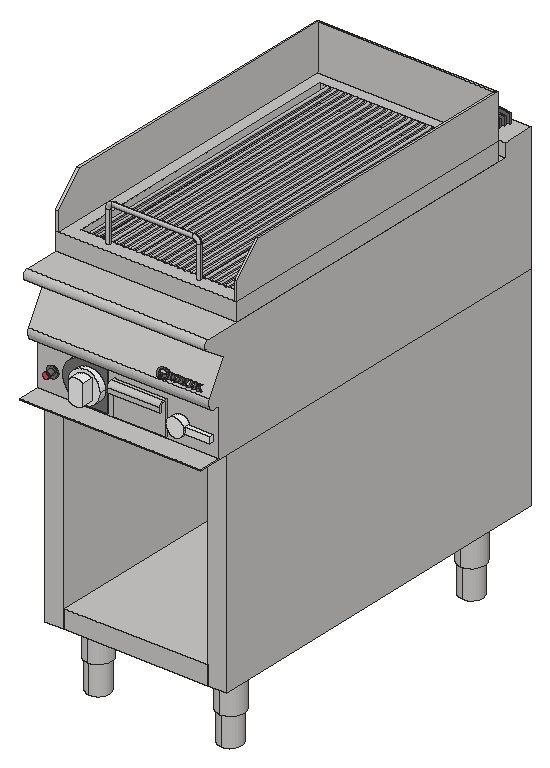
Revit family "QF_GIORIK_GL92GV", category Specialty Equipment, Revit 2014
Parameters (values of type "GL92GV")
  Weight in Pounds = 198.4158
  Waste Water Discharge Temperature [instance] = 0 °C
  URL Cutsheet = "www.giorik.com"
  URL = "www.giorik.com"
  Status [instance] = ""
  Specification by User [instance] = ""
  Specification by Manufacturer = ""
  Show Logo [instance] = yes
  Show Clearance [instance] = yes
  Serial Number = ""
  Seismic Rating = ""
  SMACNA No = ""
  Revision Code [instance] = ""
  Plumbing Remarks [instance] = ""
  Plumbing Connection Type [instance] = ""
  NAFEM Spec ID Number = ""
  Model = "GL92GV"
  Masterspec = ""
  Manufacturer = "GIORIK"
  Item Number [instance] = ""
  Installed By [instance] = ""
  Indirect Waste Size = 1"
  Indirect Waste Flow = 0.0 L/s
  Indirect Waste Connection Type [instance] = ""
  Indirect Waste Connection Height [instance] = 150 mm
  Identify Quantity as Lot [instance] = no
  Gas Size = 1"
  Gas RI Height [instance] = 0 mm
  Gas KW = 11
  Gas Input = 11000 W
  Gas Connection Height [instance] = 150 mm
  Furnished By [instance] = ""
  Foodservice Equipment Identifier [instance] = yes
  Description = "GAS STEAMGRILL"
  Cold Water Temperature Recommended = 0 °C
  Cold Water Size = 1/2"
  Cold Water RI Height [instance] = 150 mm
  Cold Water Minimum Pressure = 20000.0 Pa
  Cold Water Maximum Pressure = 50000.0 Pa
  Cold Water Flow [instance] = 0.0 L/s
  Cold Water Consumption [instance] = ""
  Cold Water Connection Height [instance] = 150 mm
  CSI MasterFormat = ""
  Assembly Code = "E1090320"
Reference planes
  plane 1 "Back": y = 0
  plane 2: z = 0
  plane 3 "Left": x = 0
  plane 4 "Right": x = 400
  plane 5 "Front": y = -920
  plane 6 "Top": z = 900
Forms (mm)
  Extrusion 1, solid, visible <- "Show Logo"
    sketch origin (186.604, -908.674, 717.684) x (-1, 0, 0) y (0, 0.515038, 0.857167)
      loop
        line (-118.824, 58.358) -> (-127.804, 58.358) -> (-125.523, 56.445) -> (-125.523, 48.027) -> (-127.804, 46.113) -> (-118.824, 46.113) -> (-121.105, 48.027) -> (-121.105, 56.445) -> (-118.824, 58.358)
      loop
        line (-163.721, 58.358) -> (-172.7, 58.358) -> (-170.42, 56.445) -> (-170.42, 48.027) -> (-172.7, 46.113) -> (-163.721, 46.113) -> (-166.001, 48.027) -> (-166.001, 56.445) -> (-163.721, 58.358)
      loop
        line (-174.332, 58.358) -> (-183.312, 58.358) -> (-181.031, 56.445) -> (-181.031, 52.435) -> (-186.419, 56.955) -> (-184.416, 58.358) -> (-191.268, 58.358) -> (-188.01, 56.839) -> (-185.455, 54.283) -> (-190.846, 47.858) -> (-193.396, 46.93) -> (-193.396, 46.113) -> (-184.416, 46.113) -> (-185.437, 47.571) -> (-182.443, 51.552) -> (-181.031, 50.894) -> (-181.031, 48.027) -> (-183.312, 46.113) -> (-174.332, 46.113) -> (-176.613, 48.027) -> (-176.613, 56.445) -> (-174.332, 58.358)
      loop
        line (-115.429, 62.063) -> (-115.429, 54.198)
        arc (-115.429, 54.198) -> (-111.618, 57.803) -> (-106.847, 59.986) r 16.039
        arc (-106.847, 59.986) -> (-103.314, 59.837) -> (-100.512, 57.68) r 5.851
        arc (-100.512, 57.68) -> (-98.815, 52.267) -> (-100.512, 46.853) r 9.479
        arc (-100.512, 46.853) -> (-102.406, 44.986) -> (-104.846, 43.93) r 7.236
        arc (-104.846, 43.93) -> (-107.728, 44.111) -> (-110.052, 45.825) r 5.11
        line (-110.052, 45.825) -> (-110.052, 52.001) -> (-116.141, 52.001) -> (-116.141, 45.503) -> (-117.893, 43.751) -> (-114.094, 44.769)
        arc (-114.094, 44.769) -> (-112.56, 44.947) -> (-111.129, 44.366) r 3.115
        arc (-111.129, 44.366) -> (-104.216, 42.091) -> (-97.303, 44.366) r 11.641
        arc (-97.303, 44.366) -> (-93.396, 52.107) -> (-97.303, 59.849) r 9.622
        arc (-97.303, 59.849) -> (-104.369, 62.174) -> (-111.435, 59.849) r 11.898
        line (-111.435, 59.849) -> (-115.429, 62.063)
      loop
        arc (-129.234, 56.068) -> (-135.893, 58.628) -> (-142.552, 56.068) r 9.941
        arc (-142.552, 56.068) -> (-144.234, 52.286) -> (-142.552, 48.505) r 5.093
        arc (-142.552, 48.505) -> (-135.893, 45.945) -> (-129.234, 48.505) r 9.941
        arc (-129.234, 48.505) -> (-127.552, 52.286) -> (-129.234, 56.068) r 5.093
      loop
        arc (-132.628, 54.403) -> (-135.893, 57.668) -> (-139.158, 54.403) r 3.265
        line (-139.158, 54.403) -> (-139.158, 50.169)
        arc (-139.158, 50.169) -> (-135.893, 46.904) -> (-132.628, 50.169) r 3.265
        line (-132.628, 50.169) -> (-132.628, 54.403)
      loop
        arc (-156.363, 58.365) -> (-159.647, 55.081) -> (-156.363, 51.796) r 3.285
        line (-156.363, 51.796) -> (-159.529, 47.306) -> (-162.087, 46.113) -> (-155.847, 46.113) -> (-153.529, 51.083) -> (-150.637, 51.083) -> (-150.637, 47.784) -> (-153.022, 46.113) -> (-144.011, 46.113) -> (-146.094, 47.68) -> (-146.094, 56.493) -> (-144.229, 58.365) -> (-156.363, 58.365)
      loop
        line (-150.637, 57.512) -> (-153.637, 57.512)
        arc (-153.637, 57.512) -> (-156.237, 54.912) -> (-153.637, 52.312) r 2.6
        line (-153.637, 52.312) -> (-150.637, 52.312) -> (-150.637, 57.512)
      loop
        line (-108.924, 52.001) -> (-104.936, 49.005) -> (-100.948, 52.001) -> (-108.924, 52.001)
    from 1.5 to -0.5
  Extrusion 2, solid
    sketch origin (-16, 1025.81, 0) x (1, 0, 0) y (0, 1, 0)
      loop
        line (25, -1086.81) -> (25, -1156.81) -> (115, -1156.81) -> (115, -1086.81) -> (25, -1086.81)
    from 148 to 150
  Extrusion 3, solid
    sketch origin (-4, 0, 130) x (1, 0, 0) y (0, 1, 0)
      loop
        circle (54, -385) r 12.5
    from 0 to 20
  Extrusion 4, solid
    sketch origin (0, 800, -20) x (0, 1, 0) y (0, 0, 1)
      loop
        line (-800, 919.988) -> (-870, 919.988) -> (-870, 889.988) -> (-1688.806, 889.988)
        arc (-1688.806, 889.988) -> (-1699.151, 883.075) -> (-1696.724, 870.873) r 11.197
        line (-1696.724, 870.873) -> (-1647.575, 836.458) -> (-1686.203, 772.171)
        arc (-1686.203, 772.171) -> (-1687.435, 755.768) -> (-1675, 745) r 18.302
        line (-1675, 745) -> (-1660, 745) -> (-1660, 640) -> (-800, 640) -> (-800, 919.988)
    from 0 to 400
  Extrusion 5, solid
    sketch origin (0, -200, 599.536) x (1, 0, 0) y (0, 1, 0)
      loop
        line (0, -640) -> (40, -640) -> (40, 160) -> (360, 160) -> (360, -640) -> (400, -640) -> (400, 200) -> (0, 200) -> (0, -640)
    from -449.536 to 20.464
  Extrusion 6, solid
    sketch origin (0, -200, 0) x (1, 0, 0) y (0, 1, 0)
      loop
        line (40, 160) -> (40, -640) -> (360, -640) -> (360, 160) -> (40, 160)
    from 150 to 190
  Extrusion 7, solid
    sketch origin (-16, 360.81, 0) x (1, 0, 0) y (0, 1, 0)
      loop
        line (25, -1086.81) -> (25, -1156.81) -> (115, -1156.81) -> (115, -1086.81) -> (25, -1086.81)
    from 148 to 150
  Revolve 8, solid
    sketch origin (54, 360.81, 0) x (0, 1, 0) y (0, 0, 1)
      loop
        line (-1092.56, 66) -> (-1092.56, 148) -> (-1121.81, 148) -> (-1121.81, 0) -> (-1096.81, 0) -> (-1096.81, 66) -> (-1092.56, 66)
      axis (-1121.81, 0) -> (-1121.81, 148)
    angle from 0 to 360
  Revolve 9, solid
    sketch origin (54, 1025.81, 0) x (0, 1, 0) y (0, 0, 1)
      loop
        line (-1092.56, 66) -> (-1092.56, 148) -> (-1121.81, 148) -> (-1121.81, 0) -> (-1096.81, 0) -> (-1096.81, 66) -> (-1092.56, 66)
      axis (-1121.81, 0) -> (-1121.81, 148)
    angle from 0 to 360
  Extrusion 10, solid
    sketch origin (416, 360.81, 0) x (-1, 0, 0) y (0, -1, 0)
      loop
        line (25, 1086.81) -> (115, 1086.81) -> (115, 1156.81) -> (25, 1156.81) -> (25, 1086.81)
    from 148 to 150
  Revolve 11, solid
    sketch origin (346, 360.81, 0) x (0, 1, 0) y (0, 0, -1)
      loop
        line (-1092.56, -66) -> (-1096.81, -66) -> (-1096.81, 0) -> (-1121.81, 0) -> (-1121.81, -148) -> (-1092.56, -148) -> (-1092.56, -66)
      axis (-1121.81, 0) -> (-1121.81, -148)
    angle from 0 to 360
  Extrusion 12, solid
    sketch origin (416, -1217.81, 0) x (-1, 0, 0) y (0, -1, 0)
      loop
        line (25, -1086.81) -> (25, -1156.81) -> (115, -1156.81) -> (115, -1086.81) -> (25, -1086.81)
    from 148 to 150
  Revolve 13, solid
    sketch origin (346, -1217.81, 0) x (0, -1, 0) y (0, 0, 1)
      loop
        line (-1092.56, 66) -> (-1092.56, 148) -> (-1121.81, 148) -> (-1121.81, 0) -> (-1096.81, 0) -> (-1096.81, 66) -> (-1092.56, 66)
      axis (-1121.81, 0) -> (-1121.81, 148)
    angle from 0 to 360
  Extrusion 14, solid
    sketch origin (-308.221, -812, -51.25) x (1, 0, 0) y (0, 0, 1)
      loop
        line (463.221, 676.25) -> (463.221, 766.25) -> (409.698, 766.25)
        arc (409.698, 766.25) -> (364.698, 721.25) -> (409.698, 676.25) r 45
        line (409.698, 676.25) -> (463.221, 676.25)
    from 48 to 50
  Extrusion 15, solid
    sketch origin (466.331, -860.641, -51.634) x (-1, 0, 0) y (0, -0.000888, -1)
      loop
        circle (351.331, -721.346) r 35
    from 0 to 15
  Extrusion 16, solid
    sketch origin (466.331, -860.641, -51.634) x (-1, 0, 0) y (0, -0.000888, -1)
      loop
        arc (336.331, -743.846) -> (351.331, -748.846) -> (366.331, -743.846) r 25
        line (366.331, -743.846) -> (366.331, -698.846)
        arc (366.331, -698.846) -> (351.331, -693.846) -> (336.331, -698.846) r 25
        line (336.331, -698.846) -> (336.331, -743.846)
    from 15 to 40
  Extrusion 17, solid
    sketch origin (-94, 0, -10.001) x (1, 0, 0) y (0, 0, 1)
      loop
        line (135, 909.989) -> (453, 909.989) -> (453, 925.527) -> (347.056, 931.749) -> (240.944, 931.749) -> (135, 925.527) -> (135, 909.989)
    from 32 to 35
  Extrusion 18, solid
    sketch origin (-92, 10, -10.001) x (1, 0, 0) y (0, 0, 1)
      loop
        line (454, 909.989) -> (454, 928.527) -> (346.162, 939.193) -> (237.838, 939.193) -> (130, 928.527) -> (130, 909.989) -> (454, 909.989)
    from 32 to 35
  Extrusion 19, solid
    sketch origin (-90, 20, -10.001) x (1, 0, 0) y (0, 0, 1)
      loop
        line (455, 909.989) -> (455, 930.527) -> (345.396, 947.413) -> (234.604, 947.413) -> (125, 930.527) -> (125, 909.989) -> (455, 909.989)
    from 32 to 35
  Extrusion 20, solid
    sketch origin (0, -200, 0) x (0, 1, 0) y (0, 0, 1)
      loop
        line (110, 909.988) -> (110, 1009.988) -> (-551.877, 1009.988) -> (-610, 951.864) -> (-610, 909.988) -> (110, 909.988)
    from 0 to 5
  Extrusion 21, solid
    sketch origin (0, -90, 0) x (1, 0, 0) y (0, 0, 1)
      loop
        line (5, 1009.988) -> (5, 909.988) -> (395, 909.988) -> (395, 1009.988) -> (5, 1009.988)
    from 0 to 5
  Sweep 22, solid
    path origin (32.128, -787.463, 1856.207) x (0, 0, 1) y (-1, 0, 0)
      loop
        line (-946.207, -65.372) -> (-876.207, -65.372)
        arc (-876.207, -65.372) -> (-869.136, -68.301) -> (-866.207, -75.372) r 10
        line (-866.207, -75.372) -> (-866.207, -255.372)
        arc (-866.207, -255.372) -> (-869.136, -262.443) -> (-876.207, -265.372) r 10
        line (-876.207, -265.372) -> (-946.207, -265.372)
    profile origin (97.5, -787.463, 945) x (-1, 0, 0) y (0, -1, 0)
      loop
        circle (0, 0) r 4
  Extrusion 23, solid
    sketch origin (666.331, -860, -61.247) x (-1, 0, 0) y (0, 0, -1)
      loop
        circle (351.331, -721.221) r 20
    from 0 to 15
  Extrusion 24, solid
    sketch origin (35, -864, -62.044) x (1, 0, 0) y (0, 0, 1)
      loop
        line (275.18, 729.518) -> (275.18, 714.518) -> (355.18, 714.518) -> (355.18, 729.518) -> (275.18, 729.518)
    from 0 to 10
  Extrusion 25, solid
    sketch origin (32.347, -900, 59.9) x (0, 1, 0) y (0, 0, 1)
      loop
        line (40, 640.1) -> (30, 640.1)
        arc (30, 640.1) -> (22.929, 637.171) -> (20, 630.1) r 10
        line (20, 630.1) -> (20, 620.1) -> (22, 620.1) -> (22, 630.1)
        arc (22, 630.1) -> (24.343, 635.757) -> (30, 638.1) r 8
        line (30, 638.1) -> (38, 638.1) -> (38, 565.1) -> (40, 565.1) -> (40, 640.1)
    from 137.5 to 252.5
  Extrusion 26, solid
    sketch origin (0, 0, 100) x (0, 1, 0) y (-1, 0, 0)
      loop
        circle (-185, -308) r 12.7
    from 30 to 50
  Extrusion 27, solid
    sketch origin (32, -293, 100) x (0, 1, 0) y (-1, 0, 0)
      loop
        circle (-185, -308) r 6.35
    from 30 to 50
  Extrusion 28, solid
    sketch origin (0, -200, 900) x (0, 1, 0) y (-1, 0, 0)
      loop
        line (110, 0) -> (-610, 0) -> (-610, -400) -> (110, -400) -> (110, 0)
      loop
        line (80, -30) -> (-580, -30) -> (-580, -370) -> (80, -370) -> (80, -30)
    from -30.012 to 9.988
  Extrusion 29, solid
    sketch origin (0, -200, 0) x (1, 0, 0) y (0, 0, 1)
      loop
        circle (50, 906.988) r 3
    from -80 to 580
  Extrusion 30, solid
    sketch origin (15, -200, 0) x (1, 0, 0) y (0, 0, 1)
      loop
        circle (50, 906.988) r 3
    from -80 to 580
  Extrusion 31, solid
    sketch origin (30, -200, 0) x (1, 0, 0) y (0, 0, 1)
      loop
        circle (50, 906.988) r 3
    from -80 to 580
  Extrusion 32, solid
    sketch origin (45, -200, 0) x (1, 0, 0) y (0, 0, 1)
      loop
        circle (50, 906.988) r 3
    from -80 to 580
  Extrusion 33, solid
    sketch origin (60, -200, 0) x (1, 0, 0) y (0, 0, 1)
      loop
        circle (50, 906.988) r 3
    from -80 to 580
  Extrusion 34, solid
    sketch origin (75, -200, 0) x (1, 0, 0) y (0, 0, 1)
      loop
        circle (50, 906.988) r 3
    from -80 to 580
  Extrusion 35, solid
    sketch origin (90, -200, 0) x (1, 0, 0) y (0, 0, 1)
      loop
        circle (50, 906.988) r 3
    from -80 to 580
  Extrusion 36, solid
    sketch origin (105, -200, 0) x (1, 0, 0) y (0, 0, 1)
      loop
        circle (50, 906.988) r 3
    from -80 to 580
  Extrusion 37, solid
    sketch origin (120, -200, 0) x (1, 0, 0) y (0, 0, 1)
      loop
        circle (50, 906.988) r 3
    from -80 to 580
  Extrusion 38, solid
    sketch origin (135, -200, 0) x (1, 0, 0) y (0, 0, 1)
      loop
        circle (50, 906.988) r 3
    from -80 to 580
  Extrusion 39, solid
    sketch origin (150, -200, 0) x (1, 0, 0) y (0, 0, 1)
      loop
        circle (50, 906.988) r 3
    from -80 to 580
  Extrusion 40, solid
    sketch origin (165, -200, 0) x (1, 0, 0) y (0, 0, 1)
      loop
        circle (50, 906.988) r 3
    from -80 to 580
  Extrusion 41, solid
    sketch origin (180, -200, 0) x (1, 0, 0) y (0, 0, 1)
      loop
        circle (50, 906.988) r 3
    from -80 to 580
  Extrusion 42, solid
    sketch origin (195, -200, 0) x (1, 0, 0) y (0, 0, 1)
      loop
        circle (50, 906.988) r 3
    from -80 to 580
  Extrusion 43, solid
    sketch origin (210, -200, 0) x (1, 0, 0) y (0, 0, 1)
      loop
        circle (50, 906.988) r 3
    from -80 to 580
  Extrusion 44, solid
    sketch origin (225, -200, 0) x (1, 0, 0) y (0, 0, 1)
      loop
        circle (50, 906.988) r 3
    from -80 to 580
  Extrusion 45, solid
    sketch origin (240, -200, 0) x (1, 0, 0) y (0, 0, 1)
      loop
        circle (50, 906.988) r 3
    from -80 to 580
  Extrusion 46, solid
    sketch origin (255, -200, 0) x (1, 0, 0) y (0, 0, 1)
      loop
        circle (50, 906.988) r 3
    from -80 to 580
  Extrusion 47, solid
    sketch origin (270, -200, 0) x (1, 0, 0) y (0, 0, 1)
      loop
        circle (50, 906.988) r 3
    from -80 to 580
  Extrusion 48, solid
    sketch origin (285, -200, 0) x (1, 0, 0) y (0, 0, 1)
      loop
        circle (50, 906.988) r 3
    from -80 to 580
  Extrusion 49, solid
    sketch origin (300, -200, 0) x (1, 0, 0) y (0, 0, 1)
      loop
        circle (50, 906.988) r 3
    from -80 to 580
  Extrusion 50, solid
    sketch origin (0, -860, 0) x (1, 0, 0) y (0, 0, 1)
      loop
        line (0, 620) -> (400, 620) -> (400, 622) -> (0, 622) -> (0, 620)
    from 0 to 50
  Extrusion 51, solid
    sketch origin (-6.142, -835.246, -47.152) x (1, 0, 0) y (0, 0.000339, 1)
      loop
        circle (38.702, 711.666) r 12.5
    from 25 to 27
  Extrusion 52, solid
    sketch origin (-732.35, -862.248, -53.566) x (1, 0, 0) y (0, 0.000339, 1)
      loop
        circle (764.91, 718.089) r 6
    from 0 to 15
  Extrusion 53, solid
    sketch origin (-732.35, -863.41, -53.565) x (1, 0, 0) y (0, 0.000339, 1)
      loop
        circle (764.91, 718.089) r 6
    from 13.838 to 15.838
  Extrusion 54, solid
    sketch origin (395, -200, 0) x (0, 1, 0) y (0, 0, 1)
      loop
        line (110, 909.988) -> (110, 1009.988) -> (-551.877, 1009.988) -> (-610, 951.864) -> (-610, 909.988) -> (110, 909.988)
    from 0 to 5
Lines and regions (mm)
  symbolic lines, style "200-EquipBorder-2D"
    curve 1: line (0, -920, 0) -> (400, -920, 0)
    curve 2: line (400, -920, 0) -> (400, 0, 0)
    curve 3: line (400, 0, 0) -> (0, 0, 0)
    curve 4: line (0, 0, 0) -> (0, -920, 0)
  symbolic lines, style "200-EquipInternal-2D"
    curve 5: line (0, -70, 900) -> (400, -70, 900)
    curve 6: line (35, -12, 900) -> (365, -12, 900)
    curve 7: line (365, -12, 900) -> (365, -15, 900)
    curve 8: line (365, -15, 900) -> (35, -15, 900)
    curve 9: line (35, -15, 900) -> (35, -12, 900)
    curve 10: line (38, -22, 900) -> (362, -22, 900)
    curve 11: line (362, -22, 900) -> (362, -25, 900)
    curve 12: line (362, -25, 900) -> (38, -25, 900)
    curve 13: line (38, -25, 900) -> (38, -22, 900)
    curve 14: line (41, -32, 900) -> (359, -32, 900)
    curve 15: line (359, -32, 900) -> (359, -35, 900)
    curve 16: line (359, -35, 900) -> (41, -35, 900)
    curve 17: line (41, -35, 900) -> (41, -32, 900)
    curve 18: line (5, -95, 900) -> (395, -95, 900)
    curve 19: line (0, -90, 900) -> (400, -90, 900)
    curve 20: line (400, -90, 900) -> (400, -810, 900)
    curve 21: line (395, -810, 900) -> (395, -95, 900)
    curve 22: line (5, -95, 900) -> (5, -810, 900)
    curve 23: line (0, -810, 900) -> (0, -90, 900)
    curve 24: line (0, -810, 900) -> (400, -810, 900)
    curve 25: line (30, -780, 900) -> (30, -120, 900)
    curve 26: line (370, -120, 900) -> (370, -780, 900)
    curve 27: line (137, -120, 900) -> (137, -780, 900)
    curve 28: line (47, -780, 900) -> (47, -120, 900)
    curve 29: line (53, -780, 900) -> (53, -120, 900)
    curve 30: line (62, -120, 900) -> (62, -780, 900)
    curve 31: line (62, -780, 900) -> (53, -780, 900)
    curve 32: line (47, -780, 900) -> (30, -780, 900)
    curve 33: line (30, -120, 900) -> (47, -120, 900)
    curve 34: line (53, -120, 900) -> (62, -120, 900)
    curve 35: line (68, -120, 900) -> (68, -780, 900)
    curve 36: line (68, -780, 900) -> (77, -780, 900)
    curve 37: line (77, -780, 900) -> (77, -120, 900)
    curve 38: line (77, -120, 900) -> (68, -120, 900)
    curve 39: line (83, -120, 900) -> (92, -120, 900)
    curve 40: line (92, -120, 900) -> (92, -780, 900)
    curve 41: line (92, -780, 900) -> (83, -780, 900)
    curve 42: line (83, -780, 900) -> (83, -120, 900)
    curve 43: line (98, -120, 900) -> (98, -780, 900)
    curve 44: line (98, -780, 900) -> (107, -780, 900)
    curve 45: line (107, -780, 900) -> (107, -120, 900)
    curve 46: line (107, -120, 900) -> (98, -120, 900)
    curve 47: line (113, -120, 900) -> (122, -120, 900)
    curve 48: line (122, -120, 900) -> (122, -780, 900)
    curve 49: line (122, -780, 900) -> (113, -780, 900)
    curve 50: line (113, -780, 900) -> (113, -120, 900)
    curve 51: line (137, -120, 900) -> (128, -120, 900)
    curve 52: line (128, -120, 900) -> (128, -780, 900)
    curve 53: line (128, -780, 900) -> (137, -780, 900)
    curve 54: line (143, -780, 900) -> (143, -120, 900)
    curve 55: line (143, -120, 900) -> (152, -120, 900)
    curve 56: line (152, -120, 900) -> (152, -780, 900)
    curve 57: line (152, -780, 900) -> (143, -780, 900)
    curve 58: line (158, -780, 900) -> (158, -120, 900)
    curve 59: line (158, -120, 900) -> (167, -120, 900)
    curve 60: line (167, -120, 900) -> (167, -780, 900)
    curve 61: line (167, -780, 900) -> (158, -780, 900)
    curve 62: line (173, -780, 900) -> (173, -120, 900)
    curve 63: line (173, -120, 900) -> (182, -120, 900)
    curve 64: line (182, -120, 900) -> (182, -780, 900)
    curve 65: line (182, -780, 900) -> (173, -780, 900)
    curve 66: line (188, -780, 900) -> (188, -120, 900)
    curve 67: line (188, -120, 900) -> (197, -120, 900)
    curve 68: line (197, -120, 900) -> (197, -780, 900)
    curve 69: line (197, -780, 900) -> (188, -780, 900)
    curve 70: line (203, -780, 900) -> (203, -120, 900)
    curve 71: line (203, -120, 900) -> (212, -120, 900)
    curve 72: line (212, -120, 900) -> (212, -780, 900)
    curve 73: line (212, -780, 900) -> (203, -780, 900)
    curve 74: line (218, -780, 900) -> (218, -120, 900)
    curve 75: line (218, -120, 900) -> (227, -120, 900)
    curve 76: line (227, -120, 900) -> (227, -780, 900)
    curve 77: line (227, -780, 900) -> (218, -780, 900)
    curve 78: line (233, -780, 900) -> (233, -120, 900)
    curve 79: line (233, -120, 900) -> (242, -120, 900)
    curve 80: line (242, -120, 900) -> (242, -780, 900)
    curve 81: line (242, -780, 900) -> (233, -780, 900)
    curve 82: line (248, -780, 900) -> (248, -120, 900)
    curve 83: line (248, -120, 900) -> (257, -120, 900)
    curve 84: line (257, -120, 900) -> (257, -780, 900)
    curve 85: line (257, -780, 900) -> (248, -780, 900)
    curve 86: line (263, -780, 900) -> (263, -120, 900)
    curve 87: line (263, -120, 900) -> (272, -120, 900)
    curve 88: line (272, -120, 900) -> (272, -780, 900)
    curve 89: line (272, -780, 900) -> (263, -780, 900)
    curve 90: line (278, -780, 900) -> (278, -120, 900)
    curve 91: line (278, -120, 900) -> (287, -120, 900)
    curve 92: line (287, -120, 900) -> (287, -780, 900)
    curve 93: line (287, -780, 900) -> (278, -780, 900)
    curve 94: line (293, -780, 900) -> (293, -120, 900)
    curve 95: line (293, -120, 900) -> (302, -120, 900)
    curve 96: line (302, -120, 900) -> (302, -780, 900)
    curve 97: line (302, -780, 900) -> (293, -780, 900)
    curve 98: line (308, -780, 900) -> (308, -120, 900)
    curve 99: line (308, -120, 900) -> (317, -120, 900)
    curve 100: line (317, -120, 900) -> (317, -780, 900)
    curve 101: line (317, -780, 900) -> (308, -780, 900)
    curve 102: line (323, -780, 900) -> (323, -120, 900)
    curve 103: line (323, -120, 900) -> (332, -120, 900)
    curve 104: line (332, -120, 900) -> (332, -780, 900)
    curve 105: line (332, -780, 900) -> (323, -780, 900)
    curve 106: line (338, -780, 900) -> (338, -120, 900)
    curve 107: line (338, -120, 900) -> (347, -120, 900)
    curve 108: line (347, -120, 900) -> (347, -780, 900)
    curve 109: line (347, -780, 900) -> (338, -780, 900)
    curve 110: line (353, -780, 900) -> (353, -120, 900)
    curve 111: line (353, -120, 900) -> (370, -120, 900)
    curve 112: line (353, -780, 900) -> (370, -780, 900)
    curve 113: line (97.5, -783.463, 900) -> (297.5, -783.463, 900)
    curve 114: line (297.5, -791.463, 900) -> (97.5, -791.463, 900)
    curve 115: arc (97.5, -783.463, 900) -> (93.5, -787.463, 900) -> (97.5, -791.463, 900) r 4
    curve 116: arc (297.5, -783.463, 900) -> (301.5, -787.463, 900) -> (297.5, -791.463, 900) r 4
Dimensions and locks
  plane 3 "Left" to plane 4 "Right" = 400 mm
  plane 5 "Front" to plane 1 "Back" = 920 mm
  plane 4 "Right" to plane 3 "Left" = 400 mm
  plane 1 "Back" to plane 5 "Front" = 920 mm
  plane 6 "Top" to level = 900 mm  (x2)
  aligned and locked: level to plane 2
Connectors
  piping at (50, -385, 130), diameter 25.4, driven by "Gas Size"
    settings: on Extrusion 3, index 1, connector inside diameter 24", connector length 0 mm, flow factor 0, pipe flow 0.0 L/s, pressure drop 0.0 Pa, fitting loss kfactor 0, connector angle 0.00°, fixture units 0, engagement length 0 mm, angle of deflection 0.00°, flow configuration 1, flow direction 1, fitting loss method 0, system type 22, joint type 0, gender type 0, connector reference index -1, connector utility 0, adjustable connector no, is connector primary yes, connector description "Gas inlet"
  piping at (308, -185, 130), diameter 25.4, driven by "Indirect Waste Size", driven by "Indirect Waste Flow"
    settings: on Extrusion 26, index 2, connector inside diameter 24", connector length 0 mm, flow factor 0, pipe flow 0.0 L/s, pressure drop 0.0 Pa, fitting loss kfactor 0, connector angle 0.00°, fixture units 0, engagement length 0 mm, angle of deflection 0.00°, flow configuration 1, flow direction 2, fitting loss method 0, system type 16, joint type 0, gender type 0, connector reference index -1, connector utility 0, adjustable connector no, is connector primary no, connector description "Water drain"
  piping at (340, -478, 130), diameter 12.7, driven by "Cold Water Size", driven by "Cold Water Flow"
    settings: on Extrusion 27, index 3, connector inside diameter 24", connector length 0 mm, flow factor 0, pipe flow 0.0 L/s, pressure drop 0.0 Pa, fitting loss kfactor 0, connector angle 0.00°, fixture units 0, engagement length 0 mm, angle of deflection 0.00°, flow configuration 1, flow direction 1, fitting loss method 0, system type 20, joint type 0, gender type 0, connector reference index -1, connector utility 0, adjustable connector no, is connector primary no, connector description "Water inlet"
